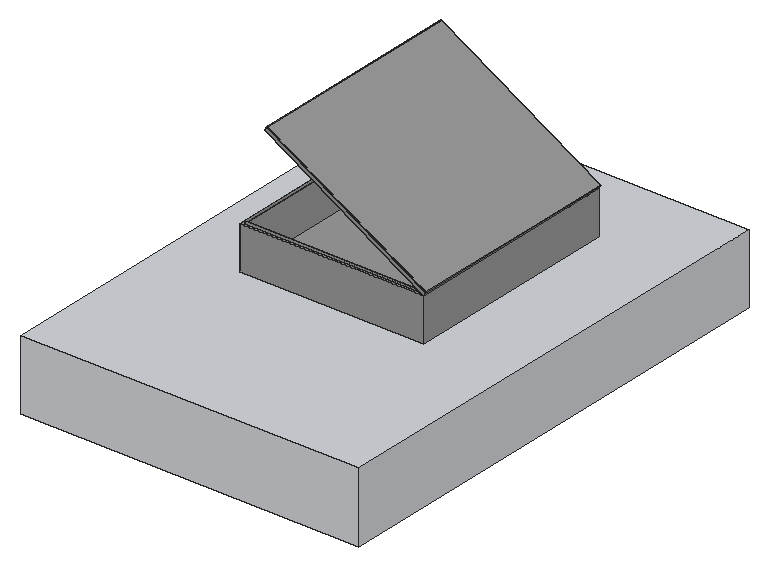
Revit family "Hager-Univers-IP44-D205-H950-Cl.II-Encl-CH-fr", category Equipement électrique, Revit 2020
Family settings
  Hôte = Face
  Configuration du panneau = Deux colonnes, circuits au sein
  Cote de connecteur circulaire = Utiliser le diamètre
  Type d'élément = Tableau de raccordement
  Couper avec des vides une fois chargée = Non
  Partagée = Non
  Point de calcul de pièce = Non
Parameters (values of type "saillie IP44 L800 H950 P205  - FP63QS")
  Width Control [instance] = if([EF000008 - largeur] > Min Width, [EF000008 - largeur], Min Width)  # 800 mm
  Commentaires du type = [HG000003 - Gamme]  # "Univers"
  Thickness Door [instance] = if([EF009171 - épaisseur de matériau de la porte/du couvercle] > 3 mm, 3 mm, [EF009171 - épaisseur de matériau de la porte/du couvercle])  # 1 mm
  Seal Frame Offset [instance] = 17 mm  # constant formula
  Plinth Visibility [instance] = [HG000027 - Hauteur du socle] > 0 mm  # no
  Model = ""
  Min Width [instance] = 100 mm  # constant formula
  Min Height [instance] = 100 mm  # constant formula
  Min Depth [instance] = (2 * [EF009170 - épaisseur de matériau du boîtier]) + 1 mm  # 3 mm
  Internal Frame Depth [instance] = (Door System Depth * 0.5)  # 9 mm
  Height Control [instance] = if([EF000040 - hauteur] > Min Height, [EF000040 - hauteur], Min Height)  # 950 mm
  HG000027 - Hauteur du socle = 0 mm
  HG000026 - Installation au sol = no
  HG000024 - Hauteur de la section basse = 800 mm
  HG000023 - Armoire double section = no
  HG000016 - Visibilité de la porte 3D [instance] = yes
  HG000015 - Visibilité de l'emprise de la porte [instance] = no
  HG000014 - Porte à droite [instance] = yes
  HG000013 - Porte à gauche [instance] = not([HG000014 - Porte à droite])  # no
  HG000012 - Angle de pivotement de la porte [instance] = 30.00°
  HG000010 - Portes asymétriques = no
  HG000009 - Porte à double battant = no
  HG000006 - Encastré = no
  HG000004 - Référence fabricant = "FP63QS"
  HG000003 - Gamme = "Univers"
  HG000002 - avec porte = yes
  Frame Offset Bottom [instance] = 10 mm  # constant formula
  Frame Offset [instance] = 15 mm  # constant formula
  EF015940 - couvercle avec décharge de pression = no
  EF011959 - degré de protection (NEMA) = ""
  EF009554 - nombre d'ouvertures pour plaques à bride = 6
  Fabricant = "Hager"  # constant formula
  EF009212 - finition du couvercle = "EV000116 - fermé"
  EF009171 - épaisseur de matériau de la porte/du couvercle = 1 mm
  EF009170 - épaisseur de matériau du boîtier = 1 mm
  EF008873 - courant nominal (In) = 250 A
  EF007800 - adapté à un parafoudre = no
  EF006306 - avec serrure = no
  EF006244 - couvercle/porte transparent(e) = no
  EF005474 - indice de protection (IP) = "EV006418 - IP44"
  EF004464 - type de porte = "EV002646 - unique"
  EF004427 - nombre de modules = 216
  EF004293 - indice de protection contre les chocs (IK) = "EV006815 - IK09"
  EF003532 - convient pour utilisation à l’extérieur = no
  EF002950 - largeur en nombre de modules = 36
  EF001613 - maintien de fonction = "EV000494 - sans"
  EF001596 - matériau du boîtier/corps = "EV000179 - acier"
  EF001131 - profondeur intérieure = 143 mm
  EF001088 - possibilité de montage en saillie = yes
  EF000437 - nombre d'entrées de conduit = 6
  EF000339 - type de capot = "EV001012 - couvercle"
  EF000266 - nombre de rangées = 6
  EF000218 - profondeur d'encastrement = 0 mm
  EF000118 - avec cadre/support de montage = no
  EF000116 - numéro RAL = "9010"
  EF000049 - profondeur = 205 mm
  EF000040 - hauteur = 950 mm
  EF000008 - largeur = 800 mm
  EF000007 - couleur = "EV000202 - blanc"
  EF000003 - mode de pose = "EV000384 - saillie"
  Door System Leaf Tolerance [instance] = 1.5 mm  # constant formula
  Door System Depth [instance] = 18 mm  # constant formula
  Door Height [instance] = Height Control - [HG000027 - Hauteur du socle]  # 950 mm
  Depth Control [instance] = if([EF000049 - profondeur] > Min Depth, [EF000049 - profondeur], Min Depth)  # 205 mm
  Default Elevation = 0 mm
  Connector Offset [instance] = Height Control / 2  # 475 mm
  Bottom Top Plate Trim [instance] = 1.5 mm  # constant formula
  Plinth height Ctrl [instance] = if([HG000027 - Hauteur du socle] > 0 mm, [HG000027 - Hauteur du socle], 12 mm)  # 12 mm
Types (5, lengths in mm): name | Width Control | HG000009 - Porte à double battant | HG000004 - Référence fabricant | EF009554 - nombre d'ouvertures pour plaques à bride | EF004464 - type de porte | EF004427 - nombre de modules | EF002950 - largeur en nombre de modules | EF001131 - profondeur intérieure | EF000437 - nombre d'entrées de conduit | EF000008 - largeur
  saillie IP44 L1050 H950 P205  - FP64QS | 1050 | yes | "FP64QS" | 8 | "EV003602 - double" | 288 | 48 | 143 | 8 | 1050
  saillie IP44 L1300 H950 P205  - FP65QS | 1300 | yes | "FP65QS" | 10 | "EV003602 - double" | 360 | 60 | 143 | 10 | 1300
  saillie IP44 L300 H950 P205  - FP61QS | 300 | no | "FP61QS" | 2 | "EV002646 - unique" | 72 | 12 | 143 | 2 | 300
  saillie IP44 L550 H950 P205  - FP62QS | 550 | no | "FP62QS" | 4 | "EV002646 - unique" | 144 | 24 | 130 | 4 | 550
  saillie IP44 L800 H950 P205  - FP63QS | 800 | no | "FP63QS" | 6 | "EV002646 - unique" | 216 | 36 | 143 | 6 | 800
Reference planes
  plane 1 "Center (Front/Back)": y = 0
  plane 2: z = 0
  plane 3 "Center (Left/Right)": x = 0
  plane 4: z = 205
  plane 5: y = 1
  plane 6: y = 475
  plane 7: y = 0
  plane 8: y = 950
  plane 9: z = 0
  plane 10: x = -385
  plane 11: x = 385
  plane 12: x = 384
  plane 13: x = -384
  plane 14: y = 949
  plane 15: x = -383
  plane 16: x = -400
  plane 17: x = 383
  plane 18: x = 400
  plane 19: x = 399
  plane 20: x = -399
  plane 21: y = 11
  plane 22: y = 950
  plane 23: y = 934
  plane 24: z = 187
  plane 25: z = 1
  plane 26: z = 186
  plane 27: z = 204
Forms (mm)
  Extrusion 1, solid
    sketch origin (0, 0, 0) x (1, 0, 0) y (0, 1, 0)
      loop
        line (-702.964, 1305) -> (-702.964, -811.445) -> (766.763, -811.445) -> (766.763, 1305) -> (-702.964, 1305)
    from 0 to -304.8
  Extrusion 2, solid, material "Hager_Steel_RAL7035_Light_Grey", visible <- "Plinth Visibility", detail levels medium+fine
    sketch origin (0, 0, 0) x (1, 0, 0) y (0, 1, 0)
      loop
        line (-400, 0) -> (400, 0) -> (400, 12) -> (-400, 12) -> (-400, 0)
    from 0 to 187
  Extrusion 3, solid, material "Hager_Steel_RAL7035_Light_Grey", detail levels medium+fine
    sketch origin (0, 0, 0) x (1, 0, 0) y (0, 1, 0)
      loop
        line (-400, 0) -> (400, 0) -> (400, 950) -> (-400, 950) -> (-400, 0)
    from 0 to 187
  Extrusion 4, void
    sketch origin (0, 0, 0) x (1, 0, 0) y (0, 1, 0)
      loop
        line (-399, 1) -> (399, 1) -> (399, 949) -> (-399, 949) -> (-399, 1)
    from 1 to 186
  Extrusion 5, void
    sketch origin (-381.607, -4572, 187) x (0, -1, 0) y (-1, 0, 0)
      loop
        line (-4583, 2.393) -> (-5506, 2.393) -> (-5506, -765.607) -> (-4583, -765.607) -> (-4583, 2.393)
    from 0 to 1 <- "EF009170 - épaisseur de matériau du boîtier"
  Extrusion 6, solid, material "Hager_Steel_RAL7035_Light_Grey", detail levels fine
    sketch origin (0, 0, 187) x (1, 0, 0) y (0, 1, 0)
      loop
        line (-384, 934) -> (-384, 11) -> (384, 11) -> (384, 934) -> (-384, 934)
      loop
        line (-385, 10) -> (385, 10) -> (385, 935) -> (-385, 935) -> (-385, 10)
    from 0 to 9 <- "Internal Frame Depth"
  Extrusion 7, solid, material "Hager_Steel_RAL7035_Light_Grey", detail levels coarse
    sketch origin (0, 0, 0) x (1, 0, 0) y (0, 1, 0)
      loop
        line (-400, 0) -> (400, 0) -> (400, 950) -> (-400, 950) -> (-400, 0)
    from 0 to 205
  Sweep 8, void
    path in 3D
      loop
        line (-400, 12, 0) -> (400, 12, 0) -> (400, 12, 187) -> (-400, 12, 187) -> (-400, 12, 0)
    profile origin (-400, 12, 93.5) x (-1, 0, 0) y (0, -1, 0)
      loop
        line (0, 0) -> (0, 1.5) -> (-1.5, 1.5)
        arc (-1.5, 1.5) -> (-1.061, 0.439) -> (0, 0) r 1.5
Cuts and joins
  Extrusion 4, Extrusion 5 cuts Extrusion 3
  Sweep 8 cuts Extrusion 2
Lines and regions (mm)
  Masking region 1
    outline origin (0, 0, 0) x (1, 0, 0) y (0, 0, 1)
      loop
        line (-400, 205) -> (-400, 0) -> (400, 0) -> (400, 205) -> (-400, 205)
  Masking region 2, detail levels medium+fine
    outline origin (0, 140, 0) x (0, 1, 0) y (0, 0, 1)
      loop
        line (-140, 0) -> (810, 0) -> (810, 187) -> (-140, 187) -> (-140, 0)
  Masking region 3, not visible, detail levels medium+fine
    outline origin (0, 297.922, 0) x (0, 1, 0) y (0, 0, 1)
      loop
        line (188.578, 0) -> (228.578, 0) -> (228.578, 194)
        arc (228.578, 194) -> (225.649, 201.071) -> (218.578, 204) r 10
        line (218.578, 204) -> (188.578, 204) -> (188.578, 0)
  Masking region 4, detail levels coarse
    outline origin (0, 0, 180) x (0, 1, 0) y (0, 0, 1)
      loop
        line (0, -180) -> (950, -180) -> (950, 25) -> (0, 25) -> (0, -180)
  Masking region 5, visible <- "Plinth Visibility", detail levels medium+fine
    outline origin (0, 52.24, 12.345) x (0, 0, -1) y (0, 1, 0)
      loop
        line (10.845, -40.24) -> (-173.155, -40.24)
        arc (-173.155, -40.24) -> (-173.594, -41.301) -> (-174.655, -41.74) r 1.5
        line (-174.655, -41.74) -> (-174.655, -52.24) -> (12.345, -52.24) -> (12.345, -41.74)
        arc (12.345, -41.74) -> (11.285, -41.301) -> (10.845, -40.24) r 1.5
  Masking region 6, detail levels medium+fine
    outline origin (-381.607, -4572, 187) x (-1, 0, 0) y (0, -1, 0)
      loop
        line (18.393, -5522) -> (18.393, -4572) -> (-781.607, -4572) -> (-781.607, -5522) -> (18.393, -5522)
  Masking region 7, visible <- "Plinth Visibility", detail levels medium+fine
    outline origin (-381.607, -4727, 187) x (-1, 0, 0) y (0, -1, 0)
      loop
        arc (16.893, -4739) -> (17.332, -4737.939) -> (18.393, -4737.5) r 1.5
        line (18.393, -4737.5) -> (18.393, -4727) -> (-781.607, -4727) -> (-781.607, -4737.5)
        arc (-781.607, -4737.5) -> (-780.546, -4737.939) -> (-780.107, -4739) r 1.5
        line (-780.107, -4739) -> (16.893, -4739)
  Masking region 8, detail levels coarse
    outline origin (-442.548, -4669.526, 187) x (-1, 0, 0) y (0, -1, 0)
      loop
        line (-42.548, -5619.526) -> (-42.548, -4669.526) -> (-842.548, -4669.526) -> (-842.548, -5619.526) -> (-42.548, -5619.526)
  sketch lines
    curve 1: line (-400, 12, 187) -> (-400, 12, 0)
    curve 2: line (400, 12, 187) -> (-400, 12, 187)
    curve 3: line (400, 12, 187) -> (400, 12, 0)
    curve 4: line (-400, 12, 0) -> (400, 12, 0)
Dimensions and locks
  "Depth Control": plane 4 to Extrusion 1
  "HG000027 - Hauteur du socle": plane 1 "Center (Front/Back)" to plane 7
  "EF009170 - épaisseur de matériau du boîtier": plane 5 to plane 7
  locked: connector elem to plane 3 "Center (Left/Right)"
  equal spacing: plane 8, plane 6, plane 7
  locked: connector elem to plane 6
  "EF009170 - épaisseur de matériau du boîtier": plane 8 to plane 14
  "EF009170 - épaisseur de matériau du boîtier": plane 10 to plane 13
  "EF009170 - épaisseur de matériau du boîtier": plane 12 to plane 11
  "Frame Offset": plane 20 to plane 13
  "Frame Offset": plane 12 to plane 19
  "EF009170 - épaisseur de matériau du boîtier": plane 16 to plane 20
  "EF009170 - épaisseur de matériau du boîtier": plane 19 to plane 18
  "Seal Frame Offset": plane 16 to plane 15
  "Seal Frame Offset": plane 17 to plane 18
  "Frame Offset Bottom": plane 21 to plane 5
  "Frame Offset": plane 14 to plane 23
  equal spacing: plane 16, plane 3 "Center (Left/Right)", plane 18
  "Width Control": plane 16 to plane 18
  "EF009170 - épaisseur de matériau du boîtier": plane 4 to plane 27
  "EF009170 - épaisseur de matériau du boîtier": plane 24 to plane 26
  "EF009170 - épaisseur de matériau du boîtier": plane 25 to level
  "Door System Depth": plane 4 to plane 24
  "Height Control": plane 1 "Center (Front/Back)" to Extrusion 7 sketch curve
  "Height Control": Masking region 4 sketch curve to plane 1 "Center (Front/Back)"
  "Height Control": plane 1 "Center (Front/Back)" to plane 22
  "Bottom Top Plate Trim": profile plane to Sweep 8 sketch curve
  "Bottom Top Plate Trim": Sweep 8 sketch curve to profile plane
  "Plinth height Ctrl": plane 1 "Center (Front/Back)" to Extrusion 2 sketch curve
  "Plinth height Ctrl": Masking region 5 sketch curve to plane 1 "Center (Front/Back)"
  "Plinth height Ctrl": plane 1 "Center (Front/Back)" to Masking region 7 sketch curve
  "Thickness Door": Extrusion 6 sketch curve to Extrusion 6 sketch curve  (x3)
  "Thickness Door": cut or joined group of Extrusion 3, Extrusion 4, Extrusion 5 to Extrusion 6 sketch curve
  radius of Masking region 3 sketch curve = 10 mm
  "Bottom Top Plate Trim": radius of Masking region 5 sketch curve  (x2)
  "Bottom Top Plate Trim": radius of Sweep 8 sketch curve
  "Bottom Top Plate Trim": radius of Masking region 7 sketch curve  (x2)
  aligned and locked: plane 2 to Extrusion 1
  aligned and locked: level to Extrusion 1
  aligned and locked: level to Masking region 1 sketch curve
  aligned and locked: Masking region 1 sketch curve to plane 18
  aligned and locked: Masking region 1 sketch curve to plane 16
  aligned and locked: plane 7 to Masking region 2 sketch curve
  aligned and locked: level to Masking region 3 sketch curve
  aligned and locked: Masking region 3 sketch curve to plane 27
  aligned and locked: level to Masking region 2 sketch curve
  aligned and locked: plane 1 "Center (Front/Back)" to Extrusion 2 sketch curve
  aligned and locked: Extrusion 3 sketch curve to plane 7
  aligned and locked: plane 16 to Extrusion 3 sketch curve
  aligned and locked: plane 18 to Extrusion 3 sketch curve
  aligned and locked: plane 20 to Extrusion 4 sketch curve
  aligned and locked: plane 19 to Extrusion 4 sketch curve
  aligned and locked: Extrusion 4 sketch curve to plane 5
  aligned and locked: Extrusion 4 to plane 25
  aligned and locked: plane 26 to Extrusion 4
  aligned and locked: plane 24 to Extrusion 3
  aligned and locked: Extrusion 5 sketch curve to plane 21
  aligned and locked: Extrusion 5 sketch curve to plane 13
  aligned and locked: Extrusion 5 sketch curve to plane 12
  aligned and locked: plane 18 to Extrusion 7 sketch curve
  aligned and locked: plane 1 "Center (Front/Back)" to Extrusion 7 sketch curve
  aligned and locked: plane 16 to Extrusion 7 sketch curve
  aligned and locked: plane 4 to Extrusion 7
  aligned and locked: Extrusion 7 to level
  aligned and locked: level to Masking region 4 sketch curve
  aligned and locked: Masking region 4 sketch curve to plane 1 "Center (Front/Back)"
  aligned and locked: Masking region 4 sketch curve to plane 4
  aligned and locked: nested 1 to level
  aligned and locked: nested 1 to plane 16
  aligned and locked: plane 8 to Extrusion 3 sketch curve
  aligned and locked: plane 23 to Extrusion 5 sketch curve
  aligned and locked: plane 14 to Extrusion 4 sketch curve
  aligned and locked: Masking region 2 sketch curve to plane 8
  aligned and locked: level to Masking region 5 sketch curve
  aligned and locked: plane 16 to Extrusion 2 sketch curve
  aligned and locked: plane 18 to Extrusion 2 sketch curve
  aligned and locked: Masking region 5 sketch curve to plane 24
  aligned and locked: Masking region 2 sketch curve to plane 24
  aligned and locked: plane 24 to Extrusion 2
  aligned and locked: profile plane to Sweep 8 sketch curve  (x2)
  aligned and locked: Masking region 6 sketch curve to plane 18
  aligned and locked: Masking region 6 sketch curve to plane 22
  aligned and locked: Masking region 6 sketch curve to plane 16
  aligned and locked: plane 8 to plane 22
  aligned and locked: Masking region 6 sketch curve to plane 7
  aligned and locked: Masking region 7 sketch curve to plane 16
  aligned and locked: Masking region 7 sketch curve to plane 1 "Center (Front/Back)"
  aligned and locked: Masking region 7 sketch curve to plane 18
  aligned and locked: Masking region 8 sketch curve to plane 1 "Center (Front/Back)"
  aligned and locked: Masking region 8 sketch curve to plane 18
  aligned and locked: Masking region 8 sketch curve to plane 22
  aligned and locked: Masking region 8 sketch curve to plane 16
  aligned and locked: nested 2 to plane 7
  aligned and locked: plane 3 "Center (Left/Right)" to nested 2
  aligned and locked: nested 2 to plane 24
  aligned and locked: Extrusion 6 sketch curve to cut or joined group of Extrusion 3, Extrusion 4, Extrusion 5  (x4)
Automatic sketch dimensions
  Extrusion 1 sketch curve to Extrusion 1 sketch curve = 1469.727 mm
  Extrusion 1 sketch curve to Extrusion 1 sketch curve = 2116.445 mm
  Masking region 1 sketch curve to plane 4 = 0 mm
  plane 6 to Masking region 3 sketch curve = 11.5 mm
  Masking region 3 sketch curve to Masking region 3 sketch curve = 30 mm
  Masking region 5 sketch curve to plane 1 "Center (Front/Back)" = 0 mm
Nested families
  nested 1: "Hager_Enclosure_Symbol" at (-400, 0, 0) x (1, 0, 0) z (0, -1, 0), Height <- "Depth Control", Width <- "Width Control", type "Hager_Enclosure_Symbol"
    with Width_Ctrl 800 mm, Width 800 mm, Height_Ctrl 205 mm, Height 205 mm, A_Width_Int 13.453 mm, A_Width 161.438 mm, A_Height_Ctrl 179.375 mm, A_Height 179.375 mm
  nested 2: "EC000058_Univers_Door" at (0, 0, 187) x (1, 0, 0) z (0, 1, 0), Leaf_Tolerance <- "Door System Leaf Tolerance", Angle <- "HG000012 - Angle de pivotement de la porte", Door_Depth <- "Door System Depth", Door_Left <- "HG000013 - Porte à gauche", Transparent <- "EF006244 - couvercle/porte transparent(e)", Assymetrical <- "HG000010 - Portes asymétriques", Width <- "Width Control", Clearance <- "HG000015 - Visibilité de l'emprise de la porte", Double <- "HG000009 - Porte à double battant", 3d_Door <- "HG000016 - Visibilité de la porte 3D", Lock_Visibility <- "EF006306 - avec serrure", Width_Ctrl <- "Width Control", Door_Right <- "HG000014 - Porte à droite", Door <- "HG000002 - avec porte", Height <- "Door Height", Thickness <- "Thickness Door", type "EC000058_Univers_Door", detail levels medium+fine
    with min_wh 3 mm, Width_Ctrl 800 mm, Width 800 mm, Transparent no, Thickness 1 mm, Seal_Material Hager_Rubber, Lock_Visibility no, Lock_Material Hager_Plastic_RAL9005_Jet_Black, Leaf_Width 800 mm, Leaf_Tolerance_External_Sides 0 mm, Leaf_Tolerance 1.5 mm, Leaf_Offset 0 mm, Leaf_Height 947 mm, Leaf_2_Width 800 mm, Leaf_2_Offset 400 mm, Leaf_1_Width 800 mm, Leaf_1_Offset 400 mm, Height_Ctrl 950 mm, Height 950 mm, Glass_Material Hager_Glass, Double_Clearance_Ctrl no, Double no, Door_Right_Ctrl yes, Door_Right yes, Door_Material Hager_Steel_RAL7035_Light_Grey, Door_Left_Ctrl no, Door_Left no, Door_Depth 18 mm, Door yes, Clearance_Material Hager_Clearance, Clearance_Depth 800 mm, Clearance_Ctrl no, Clearance no, Assymetrical no, Angle 30.00°, 3d_Door yes
Connectors
  electrical at (0, 475, 0)
    settings: on plane 9, index 1, voltage 0 V, apparent load 0 VA, apparent load phase1 0 VA, apparent load phase2 0 VA, apparent load phase3 0 VA, power factor 1, load classification "Other", number of poles 1, system type 30, power factor state 1, is connector primary yes, connector utility no, sub classification motor no, connector description ""
Definition of nested family "EC000058_Univers_Door"
  Parameters (values of type "EC000058_Univers_Door")
    min_wh [instance] = (2 * Thickness) + 1 mm  # 11 mm
    Width_Ctrl [instance] = 400 mm
    Width [instance] = 500 mm
    Transparent [instance] = yes
    Thickness [instance] = 5 mm
    Seal_Material [instance] = none
    Lock_Visibility [instance] = yes
    Lock_Material [instance] = none
    Leaf_Width [instance] = if((Width_Ctrl - 2 * Leaf_Tolerance_External_Sides) > 0 mm, (Width_Ctrl - 2 * Leaf_Tolerance_External_Sides), min_wh)  # 400 mm
    Leaf_Tolerance_External_Sides [instance] = 0 mm  # constant formula
    Leaf_Tolerance [instance] = 1.5 mm
    Leaf_Offset [instance] = 0 mm  # constant formula
    Leaf_Height [instance] = if((Height_Ctrl - 2 * Leaf_Tolerance) > 0 mm, (Height_Ctrl - 2 * Leaf_Tolerance), min_wh)  # 497 mm
    Leaf_2_Width [instance] = if(and(and(Double, Assymetrical), Door_Left), (Leaf_Width / 3) - (Leaf_Tolerance / 2), if(and(and(Double, Assymetrical), Door_Right), (Leaf_Width / 3) * 2 - (Leaf_Tolerance / 2), if(and(Double, not(Assymetrical)), (Leaf_Width / 2) - Leaf_Tolerance, Leaf_Width)))  # 400 mm
    Leaf_2_Offset [instance] = if(and(Double, Assymetrical), Leaf_2_Width / 2, if(and(Double, not(Assymetrical)), Leaf_Width / 4, Leaf_Width / 2))  # 200 mm
    Leaf_1_Width [instance] = if(and(and(Double, Assymetrical), Door_Right), (Leaf_Width / 3) - (Leaf_Tolerance / 2), if(and(and(Double, Assymetrical), Door_Left), (Width / 3) * 2 - (Leaf_Tolerance / 2), if(and(Double, not(Assymetrical)), (Leaf_Width / 2) - Leaf_Tolerance, Leaf_Width)))  # 400 mm
    Leaf_1_Offset [instance] = if(and(Double, Assymetrical), Leaf_1_Width / 2, if(and(Double, not(Assymetrical)), Leaf_Width / 4, Leaf_Width / 2))  # 200 mm
    Height_Ctrl [instance] = if(Height > min_wh, Height, min_wh)  # 500 mm
    Height [instance] = 500 mm
    Glass_Material [instance] = none
    Double_Clearance_Ctrl [instance] = and(Double, Clearance)  # no
    Double [instance] = no
    Door_Right_Ctrl [instance] = and(or(Door_Right, Double), Door)  # yes
    Door_Right [instance] = yes
    Door_Material [instance] = none
    Door_Left_Ctrl [instance] = and(or(Door_Left, Double), Door)  # no
    Door_Left [instance] = no
    Door_Depth [instance] = 30 mm
    Door [instance] = yes
    Default Elevation = 1219.2 mm
    Clearance_Material [instance] = none
    Clearance_Depth [instance] = if(Leaf_1_Width > Leaf_2_Width, Leaf_1_Width, Leaf_2_Width)  # 400 mm
    Clearance_Ctrl [instance] = and(not(Double), Clearance)  # yes
    Clearance [instance] = yes
    Assymetrical [instance] = yes
    Angle [instance] = 30.00°
    3d_Door [instance] = yes
  Reference planes
    plane 1 "Center (Front/Back)": y = 0
    plane 2 "Bottom": z = 0
    plane 3 "Center (Left/Right)": x = 0
    plane 4: z = 500
    plane 5: x = -200
    plane 6: x = 200
    plane 7: z = 500
    plane 8: x = -200
    plane 9: z = 0
    plane 10: x = 200
    plane 11: y = 0
    plane 12: z = 1.5
    plane 13: x = -600
    plane 14: y = -400
    plane 15: x = 600
    plane 16: x = 0
    plane 17: x = 0
    plane 18: x = -200
    plane 19: x = 200
    plane 20: z = 498.5
  Forms (mm)
    Extrusion 1, solid, material <- "Clearance_Material", visible <- "Double_Clearance_Ctrl"
      sketch origin (1200, 0, 0) x (1, 0, 0) y (0, 0, -1)
        loop
          line (-1800, -498.5) -> (-600, -498.5) -> (-600, 0) -> (-1800, 0) -> (-1800, -498.5)
      from 0 to -400
  Dimensions and locks
    equal spacing: plane 5, plane 3 "Center (Left/Right)", plane 6
    "Width_Ctrl": plane 5 to plane 6
    "Leaf_Offset": plane 5 to plane 8
    "Leaf_Offset": plane 6 to plane 10
    "Leaf_Offset": plane 9 to level
    "Leaf_Offset": plane 4 to plane 7
    "Height_Ctrl": plane 4 to level
    "Leaf_Tolerance": plane 12 to plane 9
    locked: plane 11 to plane 1 "Center (Front/Back)"
    "Leaf_1_Offset": plane 18 to plane 16
    "Leaf_2_Offset": plane 17 to plane 19
    "Leaf_1_Width": plane 13 to plane 8
    "Leaf_2_Width": plane 10 to plane 15
    "Clearance_Depth": plane 14 to plane 1 "Center (Front/Back)"
    "Leaf_Tolerance_External_Sides": plane 8 to plane 18
    "Leaf_Tolerance_External_Sides": plane 19 to plane 10
    "Leaf_Tolerance": plane 7 to plane 20
    aligned and locked: level to plane 2 "Bottom"
    aligned and locked: nested 1 to plane 16
    aligned and locked: nested 2 to plane 17
    aligned and locked: Extrusion 1 to plane 13
    aligned and locked: plane 15 to Extrusion 1
    aligned and locked: Extrusion 1 to plane 14
    aligned and locked: plane 12 to nested 1
    aligned and locked: nested 2 to plane 12
    aligned and locked: Extrusion 1 to plane 11
    aligned and locked: plane 20 to Extrusion 1
    aligned and locked: nested 2 to plane 11
    aligned and locked: nested 1 to plane 11
  Automatic sketch dimensions
    Extrusion 1 sketch curve to level = 0 mm
    plane 5 to Extrusion 1 sketch curve = 400 mm
    plane 6 to Extrusion 1 sketch curve = 400 mm
    Extrusion 1 sketch curve to plane 4 = 1.5 mm
  Nested families
    nested 1: "EC000058_Univers_Door_Leaf" at (0, 0, 1.5), Width <- "Leaf_1_Width", visible <- "Door_Left_Ctrl", Leaf_Height <- "Leaf_Height", Angle <- "Angle", 3d_Door <- "3d_Door", Transparent <- "Transparent", Clearance Material <- "Clearance_Material", Clearance <- "Clearance_Ctrl", Door_Material <- "Door_Material", Glass_Material <- "Glass_Material", Door_Depth <- "Door_Depth", Lock_Material <- "Lock_Material", Seal_Material <- "Seal_Material", Lock_Visibility <- "Lock_Visibility", Thickness <- "Thickness", type "EC000058_Univers_Door_Leaf"
      with Width 400 mm, Transparent_Glass_Offset 30 mm, Transparent_Ctrl yes, Transparent yes, Thickness 5 mm, Standard no, Seal_Material none, Seal_D2 8 mm, Seal_D1 1 mm, Offset_Internal_Frame 10 mm, Lock_Width 20 mm, Lock_Visibility_3d yes, Lock_Visibility yes, Lock_Thickness_3 3 mm, Lock_Thickness_2 1 mm, Lock_Thickness_1 3 mm, Lock_Radius_Offset_2 16 mm, Lock_Radius_Offset_1 15 mm, Lock_Radius_2 5 mm, Lock_Radius 6 mm, Lock_Offset 5 mm, Lock_Material none, Lock_Height 80 mm, Lock_Cover_Top_Offset_2d 17 mm, Lock_Cover_Height -65 mm, Leaf_Height 497 mm, Internal_Seal_Thickness 8 mm, Internal_Seal_Depth_2 4.5 mm, Internal_Frame_Depth 25 mm, Glass_Thickness -1 mm, Glass_Offset -2 mm, Glass_Material none, Door_Material none, Door_Depth 30 mm, Clearance Material none, Clearance yes, Angle_Ctrl 30.00°, Angle 30.00°, 3d_Door yes
    nested 2: "EC000058_Univers_Door_Leaf" at (0, 0, 1.5) x (-1, 0, 0) z (0, 0, 1), Width <- "Leaf_2_Width", visible <- "Door_Right_Ctrl", Leaf_Height <- "Leaf_Height", Angle <- "Angle", 3d_Door <- "3d_Door", Transparent <- "Transparent", Clearance Material <- "Clearance_Material", Clearance <- "Clearance_Ctrl", Door_Material <- "Door_Material", Glass_Material <- "Glass_Material", Door_Depth <- "Door_Depth", Lock_Material <- "Lock_Material", Seal_Material <- "Seal_Material", Lock_Visibility <- "Lock_Visibility", Thickness <- "Thickness", type "EC000058_Univers_Door_Leaf"
      with Width 400 mm, Transparent_Glass_Offset 30 mm, Transparent_Ctrl yes, Transparent yes, Thickness 5 mm, Standard no, Seal_Material none, Seal_D2 8 mm, Seal_D1 1 mm, Offset_Internal_Frame 10 mm, Lock_Width 20 mm, Lock_Visibility_3d yes, Lock_Visibility yes, Lock_Thickness_3 3 mm, Lock_Thickness_2 1 mm, Lock_Thickness_1 3 mm, Lock_Radius_Offset_2 16 mm, Lock_Radius_Offset_1 15 mm, Lock_Radius_2 5 mm, Lock_Radius 6 mm, Lock_Offset 5 mm, Lock_Material none, Lock_Height 80 mm, Lock_Cover_Top_Offset_2d 17 mm, Lock_Cover_Height -65 mm, Leaf_Height 497 mm, Internal_Seal_Thickness 8 mm, Internal_Seal_Depth_2 4.5 mm, Internal_Frame_Depth 25 mm, Glass_Thickness -1 mm, Glass_Offset -2 mm, Glass_Material none, Door_Material none, Door_Depth 30 mm, Clearance Material none, Clearance yes, Angle_Ctrl 30.00°, Angle 30.00°, 3d_Door yes
  Definition of nested family "EC000058_Univers_Door_Leaf"
    Parameters (values of type "EC000058_Univers_Door_Leaf")
      Width [instance] = 2000 mm
      Transparent_Glass_Offset [instance] = 30 mm
      Transparent_Ctrl [instance] = and(Transparent, [3d_Door])  # yes
      Transparent [instance] = yes
      Thickness [instance] = 5 mm
      Standard [instance] = and(not(Transparent), [3d_Door])  # no
      Seal_Material [instance] = none
      Seal_D2 [instance] = 8 mm  # constant formula
      Seal_D1 [instance] = 1 mm  # constant formula
      Offset_Internal_Frame [instance] = 10 mm  # constant formula
      Lock_Width [instance] = 20 mm  # constant formula
      Lock_Visibility_3d [instance] = and(Lock_Visibility, [3d_Door])  # yes
      Lock_Visibility [instance] = yes
      Lock_Thickness_3 [instance] = 3 mm  # constant formula
      Lock_Thickness_2 [instance] = 1 mm  # constant formula
      Lock_Thickness_1 [instance] = 3 mm  # constant formula
      Lock_Radius_Offset_2 [instance] = Lock_Radius_Offset_1 + 1 mm  # 16 mm
      Lock_Radius_Offset_1 [instance] = 15 mm  # constant formula
      Lock_Radius_2 [instance] = Lock_Radius - 1 mm  # 5 mm
      Lock_Radius [instance] = 6 mm  # constant formula
      Lock_Offset [instance] = 5 mm  # constant formula
      Lock_Material [instance] = none
      Lock_Height [instance] = 80 mm  # constant formula
      Lock_Cover_Top_Offset_2d [instance] = Lock_Radius_Offset_2 + 1 mm  # 17 mm
      Lock_Cover_Height [instance] = -(Lock_Height - Lock_Radius_Offset_1)  # -65 mm
      Leaf_Height [instance] = 2720.336 mm
      Internal_Seal_Thickness [instance] = 8 mm  # constant formula
      Internal_Seal_Depth_2 [instance] = 4.5 mm  # constant formula
      Internal_Frame_Depth [instance] = if(Door_Depth - Thickness > 5 mm, Door_Depth - Thickness, 5 mm)  # 25 mm
      Glass_Thickness [instance] = if(Thickness > 15 mm, Glass_Offset + 10 mm, -1 mm)  # -1 mm
      Glass_Offset [instance] = if(Thickness > 15 mm, -(Thickness + 10 mm) / 2, -2 mm)  # -2 mm
      Glass_Material [instance] = none
      Door_Material [instance] = none
      Door_Depth [instance] = 30 mm
      Default Elevation = 0 mm
      Clearance Material [instance] = none
      Clearance [instance] = yes
      Angle_Ctrl [instance] = if(Angle > 180.00°, 180.00°, Angle)  # 90.00°
      Angle [instance] = 90.00°
      3d_Door [instance] = yes
    Reference planes
      plane 1 "Center (Front/Back)": y = 0
      plane 2: z = 0
      plane 3 "Center (Left/Right)": x = 0
      plane 4: y = 2000
      plane 5: x = -1000
      plane 6: x = 1000
      plane 7: x = -3000
      plane 8: z = 2720.336
      plane 9: z = 30
      plane 10: z = 2690.336
      plane 11: x = 970
      plane 12: x = -970
      plane 13: y = -3
      plane 14: z = 107.833
      plane 15: y = -5
      plane 16: y = -223.314
      plane 17: x = -1000
      plane 18: z = 1360.168
      plane 19: y = 30
    Forms (mm)
      Extrusion 1, solid, material <- "Clearance Material", visible <- "Clearance"
        sketch origin (0, 0, 0) x (1, 0, 0) y (0, 0, 1)
          loop
            line (-3000, 2720.336) -> (-3000, 0) -> (1000, 0) -> (1000, 2720.336) -> (-3000, 2720.336)
        from 0 to -2000
      Extrusion 2, solid, material <- "Door_Material", visible <- "Standard", detail levels medium+fine
        sketch origin (-1000, 0, 0) x (0, 1, 0) y (-1, 0, 0)
          loop
            line (0, 30) -> (0, 25) -> (2000, 25) -> (2000, 30) -> (0, 30)
        from 0 to 2720.336 <- "Leaf_Height"
      Extrusion 3, solid, material <- "Door_Material", visible <- "Transparent_Ctrl", detail levels medium+fine
        sketch origin (-1000, 0, 0) x (0, 1, 0) y (-1, 0, 0)
          loop
            line (0, 25) -> (2000, 25) -> (2000, 30) -> (0, 30) -> (0, 25)
        from 0 to 2720.336 <- "Leaf_Height"
      Extrusion 4, void
        sketch origin (-1025, 2000, 0) x (0, 1, 0) y (0, 0, -1)
          loop
            line (-30, -2690.336) -> (-30, -30) -> (-1970, -30) -> (-1970, -2690.336) -> (-30, -2690.336)
        from 0 to 5 <- "Thickness"
      Sweep 5, solid, material <- "Seal_Material", visible <- "Transparent_Ctrl", detail levels fine
        path in 3D
          loop
            line (-1025, 30, 30) -> (-1025, 30, 2690.336) -> (-1025, 1970, 2690.336) -> (-1025, 1970, 30) -> (-1025, 30, 30)
        profile origin (-1025, 1000, 30) x (1, 0, 0) y (0, 0, 1)
          loop
            line (0, 0) -> (0, -8) -> (1, -8) -> (1, 0) -> (0, 0)
      Extrusion 6, solid, material <- "Glass_Material", visible <- "Transparent_Ctrl", detail levels medium+fine
        sketch origin (-1030, 0, 0) x (0, 1, 0) y (0, 0, -1)
          loop
            line (1970, -2690.336) -> (1970, -30) -> (30, -30) -> (30, -2690.336) -> (1970, -2690.336)
        from -2 <- "Glass_Offset" to -1 <- "Glass_Thickness"
      Extrusion 7, solid, material <- "Door_Material", visible <- "3d_Door", detail levels medium+fine
        sketch origin (-1025, 2000, 0) x (0, -1, 0) y (0, 0, -1)
          loop
            line (0, -2720.336) -> (2000, -2720.336) -> (2000, 0) -> (0, 0) -> (0, -2720.336)
          loop
            line (1995, -5) -> (5, -5) -> (5, -2715.336) -> (1995, -2715.336) -> (1995, -5)
        from 0 to 25 <- "Internal_Frame_Depth"
      Sweep 8, solid, material <- "Seal_Material", visible <- "Transparent_Ctrl", detail levels fine
        path in 3D
          loop
            line (-1025, 0, 0) -> (-1025, 2000, 0) -> (-1025, 2000, 2720.336) -> (-1025, 0, 2720.336) -> (-1025, 0, 0)
        profile origin (-1025, 0, 1360.168) x (1, 0, 0) y (0, 1, 0)
          loop
            line (0, 10) -> (2.975, 10)
            arc (2.975, 10) -> (4.053, 10.447) -> (4.5, 11.525) r 1.525
            line (4.5, 11.525) -> (4.5, 16.527)
            arc (4.5, 16.527) -> (4.069, 17.569) -> (3.027, 18) r 1.473
            line (3.027, 18) -> (0, 18) -> (0, 10)
      Extrusion 9, solid, material <- "Lock_Material", visible <- "Lock_Visibility_3d", detail levels fine
        sketch origin (-1030, 0, 0) x (0, 1, 0) y (0, 0, -1)
          loop
            arc (1993.5, -1400.168) -> (1994.561, -1399.729) -> (1995, -1398.668) r 1.5
            line (1995, -1398.668) -> (1995, -1320.168) -> (1975, -1320.168) -> (1975, -1398.668)
            arc (1975, -1398.668) -> (1975.439, -1399.729) -> (1976.5, -1400.168) r 1.5
            line (1976.5, -1400.168) -> (1993.5, -1400.168)
        from 3 <- "Lock_Thickness_1" to 0
      Blend 10, solid, material <- "Lock_Material", visible <- "Lock_Visibility_3d", detail levels fine
        base sketch origin (-1033, 0, 0) x (0, 1, 0) y (0, 0, -1)
          loop
            line (1975, -1320.168) -> (1975, -1398.668)
            arc (1975, -1398.668) -> (1975.439, -1399.729) -> (1976.5, -1400.168) r 1.5
            line (1976.5, -1400.168) -> (1993.5, -1400.168)
            arc (1993.5, -1400.168) -> (1994.561, -1399.729) -> (1995, -1398.668) r 1.5
            line (1995, -1398.668) -> (1995, -1320.168) -> (1975, -1320.168)
        top sketch origin (-1033, 0, 0) x (0, 1, 0) y (0, 0, -1)
          loop
            line (1976, -1320.168) -> (1976, -1398.668)
            arc (1976, -1398.668) -> (1976.146, -1399.022) -> (1976.5, -1399.168) r 0.5
            line (1976.5, -1399.168) -> (1993.5, -1399.168)
            arc (1993.5, -1399.168) -> (1993.854, -1399.022) -> (1994, -1398.668) r 0.5
            line (1994, -1398.668) -> (1994, -1320.168) -> (1976, -1320.168)
        from 0 to 1 <- "Lock_Thickness_2"
      Blend 11, solid, material <- "Lock_Material", visible <- "Lock_Visibility_3d", detail levels fine
        base sketch origin (-1034, 0, 0) x (0, 1, 0) y (0, 0, -1)
          loop
            line (1978, -1320.168) -> (1978, -1384.168)
            arc (1978, -1384.168) -> (1985, -1391.168) -> (1992, -1384.168) r 7
            line (1992, -1384.168) -> (1992, -1320.168) -> (1978, -1320.168)
        top sketch origin (-1034, 0, 0) x (0, 1, 0) y (0, 0, -1)
          loop
            line (1991, -1320.168) -> (1979, -1320.168) -> (1979, -1383.168)
            arc (1979, -1383.168) -> (1985, -1389.168) -> (1991, -1383.168) r 6
            line (1991, -1383.168) -> (1991, -1320.168)
        from 0 to 3 <- "Lock_Thickness_3"
      Extrusion 12, solid, material <- "Lock_Material", visible <- "Lock_Visibility_3d", detail levels fine
        sketch origin (-1030, 1975, 1320.168) x (1, 0, 0) y (0, -1, 0)
          loop
            line (-7, -19) -> (-7, -1) -> (0, -1) -> (0, 0) -> (-8, 0) -> (-8, -20) -> (0, -20) -> (0, -19) -> (-7, -19)
        from 0 to -65 <- "Lock_Cover_Height"
      Extrusion 13, void
        sketch origin (-1038, 1995, 1320.168) x (-1, 0, 0) y (0, 0, -1)
          loop
            line (-5, -65) -> (0, -65) -> (-5, -60) -> (-5, -65)
        from 0 to 20 <- "Lock_Width"
      Extrusion 14, void
        sketch origin (-1038, 1975, 1320.168) x (0, -1, 0) y (0, 0, -1)
          loop
            circle (-10, -15.995) r 6
          loop
            circle (-10, -15.995) r 5
        from 0 to 2
      Extrusion 15, solid, material <- "Lock_Material", visible <- "Lock_Visibility_3d", detail levels medium
        sketch origin (-1030, 0, 0) x (0, 1, 0) y (0, 0, -1)
          loop
            arc (1993.5, -1400.168) -> (1994.561, -1399.729) -> (1995, -1398.668) r 1.5
            line (1995, -1398.668) -> (1995, -1320.168) -> (1975, -1320.168) -> (1975, -1398.668)
            arc (1975, -1398.668) -> (1975.439, -1399.729) -> (1976.5, -1400.168) r 1.5
            line (1976.5, -1400.168) -> (1993.5, -1400.168)
        from 8 to 0
    Cuts and joins
      Extrusion 4 cuts Extrusion 3
      Extrusion 13, Extrusion 14 cuts Extrusion 9
      Extrusion 14 cuts Blend 11
      Extrusion 13, Extrusion 14 cuts Extrusion 12
      joined: Extrusion 9, Blend 10, Blend 11, Extrusion 12
      Extrusion 14 cuts Extrusion 15
    Lines and regions (mm)
      Masking region 1, visible <- "Lock_Visibility", detail levels fine
        outline origin (0, 0, 0) x (0, 1, 0) y (0, 0, 1)
          loop
            line (30, 1320.168) -> (33, 1320.168) -> (33, 1400.168) -> (30, 1400.168) -> (30, 1320.168)
      Masking region 2, visible <- "Lock_Visibility", detail levels fine
        outline origin (0, 3.143, 0) x (0, 1, 0) y (0, 0, 1)
          loop
            line (29.857, 1354.168) -> (30.857, 1354.168) -> (30.857, 1366.168) -> (29.857, 1366.168) -> (29.857, 1354.168)
      Masking region 3, detail levels medium+fine
        outline origin (0, 0, 0) x (0, 1, 0) y (0, 0, 1)
          loop
            line (0, 0) -> (30, 0) -> (30, 2720.336) -> (0, 2720.336) -> (0, 0)
      Masking region 4, detail levels medium+fine
        outline origin (0, 0, 0) x (1, 0, 0) y (0, 0, 1)
          loop
            line (-1000, 2720.336) -> (-1000, 0) -> (1000, 0) -> (1000, 2720.336) -> (-1000, 2720.336)
      Masking region 5, visible <- "Lock_Visibility", detail levels fine
        outline origin (-47.116, 0, 0) x (1, 0, 0) y (0, 0, 1)
          loop
            arc (1024.616, 1399.168) -> (1023.556, 1398.729) -> (1023.116, 1397.668) r 1.5
            line (1023.116, 1397.668) -> (1023.116, 1320.168) -> (1041.116, 1320.168) -> (1041.116, 1397.668)
            arc (1041.116, 1397.668) -> (1040.677, 1398.729) -> (1039.616, 1399.168) r 1.5
            line (1039.616, 1399.168) -> (1024.616, 1399.168)
      Masking region 6, visible <- "Lock_Visibility", detail levels medium+fine
        outline origin (-25, 0, 0) x (1, 0, 0) y (0, 0, 1)
          loop
            arc (1001.5, 1400.168) -> (1000.439, 1399.729) -> (1000, 1398.668) r 1.5
            line (1000, 1398.668) -> (1000, 1320.168) -> (1020, 1320.168) -> (1020, 1398.668)
            arc (1020, 1398.668) -> (1019.561, 1399.729) -> (1018.5, 1400.168) r 1.5
            line (1018.5, 1400.168) -> (1001.5, 1400.168)
      Masking region 7, visible <- "Lock_Visibility", detail levels fine
        outline origin (-73.735, 0, 0) x (1, 0, 0) y (0, 0, 1)
          loop
            line (1051.735, 1382.168) -> (1065.735, 1382.168) -> (1065.735, 1384.168)
            arc (1065.735, 1384.168) -> (1058.735, 1391.168) -> (1051.735, 1384.168) r 7
            line (1051.735, 1384.168) -> (1051.735, 1382.168)
      Masking region 8, visible <- "Lock_Visibility", detail levels fine
        outline origin (-73.735, 0, 0) x (1, 0, 0) y (0, 0, 1)
          loop
            line (1052.735, 1382.168) -> (1064.735, 1382.168) -> (1064.735, 1383.168)
            arc (1064.735, 1383.168) -> (1058.735, 1389.168) -> (1052.735, 1383.168) r 6
            line (1052.735, 1383.168) -> (1052.735, 1382.168)
      Masking region 9, visible <- "Lock_Visibility", detail levels fine
        outline origin (-25, 0, 0) x (1, 0, 0) y (0, 0, 1)
          loop
            line (1020, 1320.168) -> (1020, 1382.168) -> (1000, 1382.168) -> (1000, 1320.168) -> (1020, 1320.168)
      Masking region 10, detail levels medium+fine
        outline origin (0, 0, 0) x (1, 0, 0) y (0, 0, 1)
          loop
            circle (985, 1335.144) r 6
      Masking region 11, detail levels fine
        outline origin (0, 0, 0) x (1, 0, 0) y (0, 0, 1)
          loop
            circle (985, 1335.144) r 5
      Masking region 12, visible <- "Lock_Visibility", detail levels fine
        outline origin (0, 12.767, 0) x (0, 1, 0) y (0, 0, 1)
          loop
            line (20.233, 1320.168) -> (21.233, 1320.168) -> (21.233, 1399.168) -> (20.233, 1400.168) -> (20.233, 1320.168)
      Masking region 13, visible <- "Lock_Visibility", detail levels fine
        outline origin (0, 13.767, -10) x (0, 1, 0) y (0, 0, 1)
          loop
            line (20.233, 1330.168) -> (23.233, 1330.168) -> (23.233, 1399.168) -> (20.233, 1402.168) -> (20.233, 1330.168)
      Masking region 14, visible <- "Lock_Visibility", detail levels fine
        outline origin (0, 12.767, -10) x (0, 1, 0) y (0, 0, 1)
          loop
            line (20.233, 1330.168) -> (25.233, 1330.168) -> (25.233, 1399.305) -> (20.233, 1394.305) -> (20.233, 1330.168)
      Masking region 15, visible <- "Lock_Visibility", detail levels medium
        outline origin (0, 0, 0) x (0, 1, 0) y (0, 0, 1)
          loop
            line (30, 1320.168) -> (38, 1320.168) -> (38, 1400.168) -> (30, 1400.168) -> (30, 1320.168)
      Masking region 16, visible <- "Lock_Visibility", detail levels fine
        outline origin (-1000, 0, 0) x (0, 1, 0) y (-1, 0, 0)
          loop
            line (1975, 30) -> (1995, 30) -> (1995, 38) -> (1975, 38) -> (1975, 30)
          loop
            line (1979, 37) -> (1976, 37) -> (1976, 34) -> (1978, 34) -> (1979, 37)
          loop
            line (1994, 37) -> (1991, 37) -> (1992, 34) -> (1994, 34) -> (1994, 37)
      Masking region 17, visible <- "Lock_Visibility", detail levels medium
        outline origin (-1000, 0, 0) x (0, 1, 0) y (-1, 0, 0)
          loop
            line (1975, 30) -> (1995, 30) -> (1995, 38) -> (1975, 38) -> (1975, 30)
      symbolic lines
        curve 1: line (1000, 0, 0) -> (-3000, 0, 0)
        curve 2: arc (1000, 0, 0) -> (-1000, 2000, 0) -> (-3000, 0, 0) r 2000
        curve 4: line (-1030, 0, 0) -> (-1030, 2000, 0)
      reference lines
        curve 3: line (-1000, 0, 0) -> (-1000, 2000, 0)
      symbolic lines, detail levels medium+fine
        curve 5: line (-1030, 2000, 0) -> (-1025, 2000, 0)
        curve 7: line (-1025, 0, 0) -> (-1030, 0, 0)
        curve 8: line (-1025, 0, 0) -> (-1000, 0, 0)
        curve 9: line (-1000, 0, 0) -> (-1000, 2000, 0)
        curve 10: line (-1000, 2000, 0) -> (-1025, 2000, 0)
      symbolic lines, detail levels fine
        curve 6: line (-1025, 2000, 0) -> (-1025, 0, 0)
      sketch lines
        curve 11: line (-1025, 0, 2720.336) -> (-1025, 0, 0)
        curve 12: line (-1025, 2000, 0) -> (-1025, 0, 0)
        curve 13: line (-1025, 2000, 2720.336) -> (-1025, 2000, 0)
        curve 14: line (-1025, 0, 2720.336) -> (-1025, 2000, 2720.336)
        curve 15: line (-1025, 1970, 30) -> (-1025, 30, 30)
        curve 16: line (-1025, 30, 30) -> (-1025, 30, 2690.336)
        curve 17: line (-1025, 1970, 2690.336) -> (-1025, 1970, 30)
        curve 18: line (-1025, 30, 2690.336) -> (-1025, 1970, 2690.336)
      symbolic lines, visible <- "Transparent", detail levels medium+fine
        curve 19: line (-970, 0, 2690.336) -> (970, 0, 2690.336)
        curve 20: line (-970, 0, 30) -> (-970, 0, 2690.336)
        curve 21: line (970, 0, 30) -> (-970, 0, 30)
        curve 22: line (970, 0, 2690.336) -> (970, 0, 30)
    Dimensions and locks
      "Width": plane 1 "Center (Front/Back)" to plane 4
      equal spacing: plane 5, plane 3 "Center (Left/Right)", plane 6
      "Width": plane 5 to plane 6
      "Width": plane 7 to plane 5
      "Leaf_Height": plane 8 to level
      "Width": curve 5 to curve 3
      "Width": curve 3 to curve 3
      plane 8 to plane 10 = 30 mm
      plane 9 to level = 30 mm
      plane 12 to plane 5 = 30 mm
      plane 6 to plane 11 = 30 mm
      Extrusion 1 to Extrusion 4 sketch curve = 30 mm
      "Transparent_Glass_Offset": curve 3 to Extrusion 4 sketch curve
      "Transparent_Glass_Offset": Extrusion 4 sketch curve to cut or joined group of Extrusion 3, Extrusion 4  (x2)
      cut or joined group of Extrusion 3, Extrusion 4 to Extrusion 6 sketch curve = 30 mm
      "Transparent_Glass_Offset": cut or joined group of Extrusion 3, Extrusion 4 to Extrusion 4 sketch curve
      "Thickness": curve 6 to curve 4
      "Thickness": Extrusion 7 sketch curve to Extrusion 7 sketch curve  (x4)
      "Door_Depth": curve 4 to curve 3
      "Offset_Internal_Frame": profile plane to Sweep 8 sketch curve
      "Internal_Seal_Thickness": Sweep 8 sketch curve to Sweep 8 sketch curve
      "Internal_Seal_Depth_2": profile plane to Sweep 8 sketch curve
      "Seal_D1": profile plane to Sweep 5 sketch curve
      "Seal_D2": profile plane to Sweep 5 sketch curve
      "Thickness": Extrusion 2 sketch curve to Extrusion 2 sketch curve
      equal spacing: Extrusion 9 sketch curve, plane 18, Extrusion 9 sketch curve  (x2)
      equal spacing: Masking region 1 sketch curve, plane 18, Masking region 1 sketch curve
      "Lock_Height": Masking region 1 sketch curve to Masking region 1 sketch curve
      "Lock_Radius": Masking region 2 sketch curve to plane 18 to Masking region 2 sketch curve
      Masking region 2 sketch curve to Masking region 1 = 1 mm
      "Door_Depth": plane 19 to plane 1 "Center (Front/Back)"
      "Lock_Thickness_1": Masking region 1 sketch curve to plane 19
      "Lock_Width": Extrusion 9 sketch curve to Extrusion 9 sketch curve
      "Lock_Height": Extrusion 9 sketch curve to Extrusion 9 sketch curve
      "Lock_Offset": cut or joined group of Extrusion 3, Extrusion 4 to Extrusion 9 sketch curve
      equal spacing: plane 8, plane 18, level
      "Lock_Radius_Offset_1": Blend 11 sketch curve to Blend 10
      locked: Blend 10 to Blend 11 sketch curve at 2  (x2)
      locked: var sketch to Blend 11 sketch curve at 1  (x2)
      "Lock_Radius_Offset_2": Blend 11 sketch curve to Blend 10
      locked: Extrusion 12 sketch curve to Extrusion 12 sketch curve at 1  (x3)
      Masking region 6 sketch curve to Masking region 6 sketch curve = 80 mm
      "Lock_Height": Masking region 6 sketch curve to Masking region 6 sketch curve
      "Lock_Width": Masking region 6 sketch curve to Masking region 6 sketch curve
      locked: Masking region 6 to Masking region 5 sketch curve at 1  (x3)
      locked: Masking region 5 to Masking region 7 sketch curve at 2  (x2)
      "Lock_Radius_Offset_1": Masking region 5 to Masking region 7 sketch curve
      "Lock_Radius_Offset_2": Masking region 5 to Masking region 8 sketch curve
      locked: Masking region 7 to Masking region 8 sketch curve at 1  (x2)
      "Lock_Cover_Top_Offset_2d": Masking region 5 to Masking region 9 sketch curve
      equal spacing: Masking region 9, Masking region 10 sketch curve, Masking region 9
      equal spacing: Masking region 9, Masking region 11 sketch curve, Masking region 9
      Extrusion 15 sketch curve to Extrusion 15 sketch curve = 80 mm
      "Lock_Width": Extrusion 15 sketch curve to Extrusion 15 sketch curve
      "Lock_Height": Extrusion 15 sketch curve to Extrusion 15 sketch curve
      equal spacing: Extrusion 15 sketch curve, plane 18, Extrusion 15 sketch curve
      "Lock_Thickness_3": Masking region 13 sketch curve to Masking region 13 sketch curve
      "Lock_Height": Masking region 12 sketch curve to Masking region 12 sketch curve
      locked: Masking region 13 sketch curve to Masking region 1 at 8
      locked: Masking region 14 sketch curve to Masking region 13 at 1
      locked: Masking region 14 sketch curve to Masking region 1 at 10.863
      "Lock_Height": Masking region 15 sketch curve to Masking region 15 sketch curve
      "Lock_Offset": Extrusion 15 sketch curve to cut or joined group of Extrusion 3, Extrusion 4
      "Lock_Offset": plane 6 to Masking region 6 sketch curve
      radius of Sweep 8 sketch curve = 1.525 mm
      radius of Sweep 8 sketch curve = 1.473 mm
      radius of Extrusion 9 sketch curve = 1.5 mm  (x2)
      "Lock_Radius": radius of Extrusion 14 sketch curve
      "Lock_Radius_2": radius of Extrusion 14 sketch curve
      "Lock_Radius": radius of Masking region 10 sketch curve
      "Lock_Radius_2": radius of Masking region 11 sketch curve
      radius of Extrusion 15 sketch curve = 1.5 mm  (x2)
      "Angle_Ctrl": angle plane 1 "Center (Front/Back)" to curve 3
      locked: Masking region 12 sketch curve to Masking region 12 sketch curve (angle 45.00°)
      locked: Masking region 13 sketch curve to Masking region 13 sketch curve (angle 45.00°)
      locked: Masking region 14 sketch curve to Masking region 14 sketch curve (angle 45.00°)
      aligned and locked: level to plane 2
      aligned and locked: Extrusion 1 to curve 1
      aligned and locked: plane 6 to Extrusion 1
      aligned and locked: Extrusion 1 to plane 1 "Center (Front/Back)"
      aligned and locked: plane 4 to Extrusion 1
      aligned and locked: plane 8 to Extrusion 1
      aligned and locked: curve 7 to Extrusion 2 sketch curve
      aligned and locked: curve 5 to Extrusion 2 sketch curve
      aligned and locked: curve 7 to Extrusion 3 sketch curve
      aligned and locked: Extrusion 3 sketch curve to curve 4
      aligned and locked: Extrusion 3 sketch curve to curve 6
      aligned and locked: Extrusion 3 sketch curve to curve 5
      aligned and locked: curve 9 to curve 3
      aligned and locked: Extrusion 7 sketch curve to cut or joined group of Extrusion 3, Extrusion 4  (x4)
      aligned and locked: plane 17 to curve 3
      aligned and locked: plane 1 "Center (Front/Back)" to curve 3
      aligned and locked: plane 17 to plane 5
      aligned and locked: Sweep 8 sketch curve to profile plane
      aligned and locked: Sweep 5 sketch curve to profile plane  (x2)
      aligned and locked: Masking region 1 to Masking region 2 sketch curve
      aligned and locked: plane 19 to Masking region 1 sketch curve
      aligned and locked: plane 1 "Center (Front/Back)" to Masking region 3 sketch curve
      aligned and locked: plane 19 to Masking region 3 sketch curve
      aligned and locked: level to Masking region 3 sketch curve
      aligned and locked: Masking region 3 sketch curve to plane 8
      aligned and locked: plane 17 to Masking region 4 sketch curve
      aligned and locked: level to Masking region 4 sketch curve
      aligned and locked: Masking region 4 sketch curve to plane 8
      aligned and locked: plane 12 to curve 20
      aligned and locked: plane 10 to curve 19
      aligned and locked: plane 11 to curve 22
      aligned and locked: curve 21 to plane 9
      aligned and locked: Extrusion 2 sketch curve to cut or joined group of Extrusion 3, Extrusion 4
      aligned and locked: Blend 10 sketch curve to Extrusion 9  (x4)
      aligned and locked: Extrusion 9 to Blend 10 sketch curve
      aligned and locked: Blend 10 to Blend 11 sketch curve
      aligned and locked: Extrusion 12 sketch curve to Blend 11
      aligned and locked: Extrusion 12 sketch curve to Extrusion 9  (x4)
      aligned and locked: Masking region 5 sketch curve to Masking region 6
      aligned and locked: Masking region 9 sketch curve to Masking region 6  (x3)
      aligned and locked: Masking region 12 sketch curve to Masking region 1
      aligned and locked: Masking region 13 sketch curve to Masking region 1
      aligned and locked: Masking region 12 to Masking region 14
      aligned and locked: Masking region 14 sketch curve to Masking region 1
      aligned and locked: Masking region 15 sketch curve to Masking region 14
      aligned and locked: Masking region 13 sketch curve to Masking region 12
      aligned and locked: Masking region 16 sketch curve to cut or joined group of Extrusion 14, Extrusion 15  (x4)
      aligned and locked: Masking region 16 sketch curve to cut or joined group of Extrusion 9, Blend 10, Blend 11, Extrusion 12, Extrusion 13, Extrusion 14  (x6)
      aligned and locked: cut or joined group of Extrusion 9, Blend 10, Blend 11, Extrusion 12, Extrusion 13, Extrusion 14 to Masking region 16 sketch curve
      aligned and locked: Masking region 17 sketch curve to cut or joined group of Extrusion 14, Extrusion 15  (x3)
      aligned and locked: Masking region 17 sketch curve to cut or joined group of Extrusion 9, Blend 10, Blend 11, Extrusion 12, Extrusion 13, Extrusion 14
      aligned and locked: Masking region 9 to Masking region 8 sketch curve
      aligned and locked: Masking region 9 to Masking region 7 sketch curve
    Automatic sketch dimensions
      plane 1 "Center (Front/Back)" to curve 2 = 0 mm
      curve 2 to plane 5 = 0 mm
      Extrusion 1 sketch curve to level = 0 mm
      Extrusion 1 sketch curve to plane 7 = 0 mm
      Extrusion 1 sketch curve to plane 6 = 0 mm
      Extrusion 1 sketch curve to plane 8 = 0 mm
      Extrusion 3 to Extrusion 6 sketch curve = 30 mm  (x4)
      Masking region 4 sketch curve to plane 6 = 0 mm
      Blend 10 sketch curve to Extrusion 9 = 1.5 mm
      Blend 10 sketch curve to Extrusion 9 = 1 mm
      Extrusion 13 sketch curve to Extrusion 12 = 0 mm  (x2)
      Extrusion 12 to Extrusion 13 sketch curve = 3 mm
      Extrusion 13 sketch curve to Extrusion 12 = 5 mm
      Extrusion 14 sketch curve to Extrusion 14 sketch curve = 0 mm  (x2)
      Extrusion 14 sketch curve to Extrusion 12 = 10 mm
      Extrusion 14 sketch curve to Extrusion 12 = 15.995 mm
      Masking region 5 sketch curve to Masking region 5 sketch curve = 1.5 mm  (x2)
      Masking region 10 sketch curve to plane 18 = 25.024 mm
      Masking region 11 sketch curve to plane 18 = 25.024 mm
      plane 19 to Masking region 14 sketch curve = 3 mm
      Masking region 16 sketch curve to Masking region 16 sketch curve = 3 mm
      curve 4 to curve 3 = 0 mm
      Blend 10 to Blend 11 sketch curve = 0 mm
      Masking region 6 sketch curve to Masking region 6 sketch curve = 1.5 mm  (x2)
      Masking region 6 sketch curve to plane 18 = 40 mm
      plane 19 to Masking region 12 sketch curve = 3 mm
      Masking region 12 sketch curve to Masking region 12 sketch curve = 1 mm
      Masking region 15 sketch curve to plane 19 = 0 mm
      Masking region 15 sketch curve to plane 18 = 40 mm
      radius of Blend 10 sketch curve to Extrusion 9 = 1 mm
Definition of nested family "Hager_Enclosure_Symbol"
  Parameters (values of type "Hager_Enclosure_Symbol")
    Width_Ctrl [instance] = if(Width > 1 mm, Width, 1 mm)  # 102.27 mm
    Width [instance] = 102.27 mm
    Height_Ctrl [instance] = if(Height > 1 mm, Height, 1 mm)  # 66.5 mm
    A_Width_Int [instance] = if(A_Width / 12 > 2 mm, A_Width / 12, 2 mm)  # 4.364 mm
    A_Width [instance] = if(A_Height_Ctrl * 0.9 > 2 mm, A_Height_Ctrl * 0.9, 2 mm)  # 52.369 mm
    A_Height_Ctrl [instance] = if(A_Height > 2 mm, A_Height, 2 mm)  # 58.188 mm
    Height [instance] = 66.5 mm
    A_Height [instance] = Height - (Height / 8)  # 58.188 mm
  Reference planes
    plane 1 "Centre (avant/arrière)": y = 0
    plane 2: z = 0
    plane 3 "Centre (gauche/droite)": x = 0
    plane 4: x = 52.369
    plane 5: y = 33.042
    plane 6: y = 41.77
    plane 7: y = 66.5
    plane 8: x = 26.184
    plane 9: y = 37.406
    plane 10: x = 102.27
    plane 11: y = 66.5
    plane 12: y = 8.313
  Lines and regions (mm)
    Filled region 1, type "Solid_Black", in view "Niveau de réf."
      outline origin (0, 0, 0) x (1, 0, 0) y (0, 1, 0)
        loop
          line (52.369, 66.5) -> (33.188, 54.536) -> (45.365, 45.006) -> (52.369, 66.5)
    Filled region 2, type "Solid_Black", in view "Niveau de réf."
      outline origin (0, 0, 0) x (1, 0, 0) y (0, 1, 0)
        loop
          line (0, 0) -> (102.27, 0) -> (102.27, 66.5) -> (0, 0)
    detail lines, in view "Niveau de réf."
      curve 1: line (0, 8.313, 0) -> (26.184, 41.77, 0)
      curve 2: line (26.184, 41.77, 0) -> (26.184, 33.042, 0)
      curve 3: line (26.184, 33.042, 0) -> (52.369, 66.5, 0)
  Dimensions and locks
    "A_Width": plane 3 "Centre (gauche/droite)" to plane 4
    equal spacing: plane 3 "Centre (gauche/droite)", plane 8, plane 4
    equal spacing: plane 6, plane 9, plane 5
    equal spacing: curve 3, Filled region 1 sketch curve, Filled region 1 sketch curve
    "Height_Ctrl": plane 1 "Centre (avant/arrière)" to plane 11
    "A_Height_Ctrl": plane 11 to plane 12
    equal spacing: plane 11, plane 9, plane 12
    "A_Width_Int": plane 6 to plane 9
    "Width_Ctrl": plane 3 "Centre (gauche/droite)" to plane 10
    angle Filled region 1 sketch curve to curve 3 = 20.00°
    angle curve 3 to Filled region 1 sketch curve = 20.00°
    locked: curve 3 to Filled region 1 sketch curve (angle 90.00°)
    aligned and locked: plane 10 to Filled region 2
    aligned and locked: plane 11 to Filled region 2 sketch curve
    aligned and locked: plane 10 to Filled region 2 sketch curve
    aligned and locked: plane 3 "Centre (gauche/droite)" to curve 1
    aligned and locked: plane 12 to curve 1
    aligned and locked: plane 7 to plane 11
  Automatic sketch dimensions
    Filled region 1 sketch curve to plane 4 = 0 mm
    Filled region 1 sketch curve to plane 7 = 0 mm
    plane 1 "Centre (avant/arrière)" to Filled region 2 sketch curve = 0 mm
    Filled region 2 sketch curve to plane 3 "Centre (gauche/droite)" = 0 mm
    curve 2 to plane 6 = 0 mm
    curve 2 to plane 8 = 0 mm
    curve 3 to plane 4 = 0 mm
    curve 2 to plane 5 = 0 mm
    curve 3 to plane 7 = 0 mm
